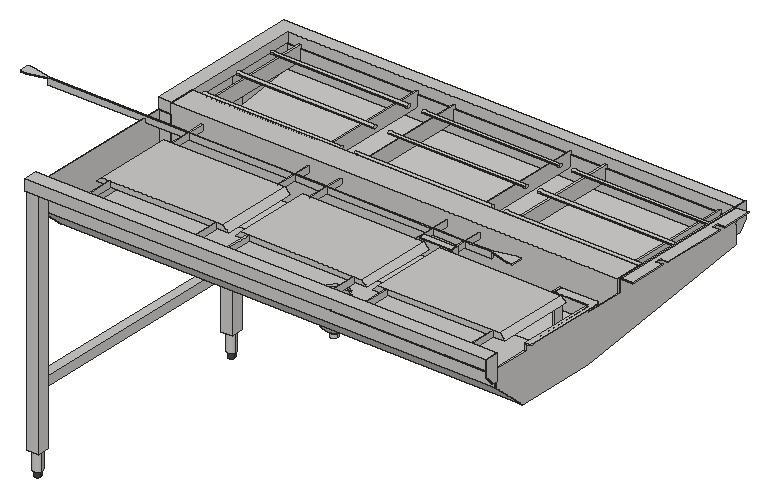
Revit family "QF_ELECTROLUXPROFESSIONAL_865464_HSDDPTS3RL", category Specialty Equipment, Revit 2018 (continued)
Automatic sketch dimensions
  curve 115 to curve 103 = 0.353 mm
  curve 103 to curve 105 = 87.021 mm
  curve 104 to curve 114 = 0.317 mm
  curve 104 to curve 113 = 18.351 mm
  curve 113 to curve 113 = 42.793 mm
  curve 112 to curve 111 = 16.099 mm
  curve 111 to curve 106 = 0.353 mm
  curve 175 to plane 18 = 30.841 mm
  curve 171 to plane 18 = 30.841 mm
  curve 164 to plane 18 = 30.841 mm
  curve 108 to plane 18 = 16.884 mm
  curve 107 to curve 110 = 0.353 mm
  curve 109 to plane 18 = 0.785 mm
  curve 110 to plane 18 = 0.101 mm
  plane 18 to curve 186 = 17.864 mm
  plane 18 to curve 176 = 17.864 mm
  plane 18 to curve 180 = 17.864 mm
  plane 18 to curve 122 = 22.199 mm
  curve 121 to curve 123 = 0.684 mm
  plane 18 to curve 41 = 24.689 mm
  curve 121 to curve 121 = 16.43 mm
  curve 120 to curve 124 = 0.353 mm
  plane 13 "FRONT" to curve 125 = 53.36 mm
  curve 123 to curve 125 = 87.82 mm
  curve 124 to curve 141 = 0.317 mm
  plane 13 "FRONT" to curve 141 = 49.5 mm
  curve 124 to curve 141 = 18.351 mm
  curve 140 to curve 139 = 41.454 mm
  curve 139 to curve 138 = 16.099 mm
  curve 138 to curve 127 = 0.353 mm
  plane 3 "Center (Left/Right)" to curve 127 = 40.08 mm
  curve 127 to curve 138 = 0.317 mm
  curve 127 to curve 136 = 18.351 mm
  plane 13 "FRONT" to curve 135 = 49.5 mm
  curve 136 to curve 135 = 42.793 mm
  curve 135 to curve 134 = 16.099 mm
  curve 134 to curve 130 = 0.353 mm
  plane 3 "Center (Left/Right)" to curve 71 = 180.712 mm
  curve 129 to curve 130 = 87.941 mm
  plane 13 "FRONT" to curve 133 = 55.36 mm
  curve 130 to curve 133 = 0.353 mm
  plane 13 "FRONT" to curve 132 = 47.5 mm
  curve 130 to curve 132 = 16.099 mm
  plane 13 "FRONT" to curve 132 = 49.379 mm
  curve 72 to curve 42 = 44.288 mm
  curve 182 to plane 1 "Center (Front/Back)" = 31.25 mm
  plane 3 "Center (Left/Right)" to curve 182 = 237.877 mm
  curve 187 to curve 182 = 0 mm
  curve 179 to curve 180 = 0 mm
  curve 39 to curve 35 = 19.689 mm
  plane 13 "FRONT" to curve 143 = 49.379 mm
  curve 132 to curve 143 = 51.237 mm
  curve 143 to curve 145 = 0.684 mm
  curve 182 to curve 194 = 42.965 mm
  curve 186 to curve 197 = 42.965 mm
  curve 176 to curve 188 = 42.965 mm
  plane 13 "FRONT" to curve 143 = 55.36 mm
  plane 13 "FRONT" to curve 145 = 53.36 mm
  curve 35 to curve 50 = 51.68 mm
  curve 145 to curve 147 = 62.82 mm
  curve 146 to curve 142 = 0.317 mm
  curve 146 to curve 162 = 18.351 mm
  curve 47 to curve 60 = 86.854 mm
  plane 13 "FRONT" to curve 161 = 49.5 mm
  curve 162 to curve 161 = 41.454 mm
  curve 161 to curve 160 = 16.099 mm
  plane 13 "FRONT" to curve 148 = 53.36 mm
  curve 160 to curve 148 = 0.353 mm
  curve 60 to curve 62 = 64.501 mm
  curve 66 to curve 61 = 0 mm
  curve 61 to curve 63 = 15 mm
  curve 66 to curve 66 = 15 mm
  curve 65 to curve 64 = 5 mm
  curve 148 to curve 149 = 84.521 mm
  plane 13 "FRONT" to curve 159 = 55.36 mm
  curve 149 to curve 159 = 0.317 mm
  curve 149 to curve 158 = 18.351 mm
  curve 158 to curve 158 = 42.793 mm
  curve 157 to curve 156 = 16.099 mm
  curve 156 to curve 152 = 0.353 mm
  curve 33 to plane 15 = 121.97 mm
  plane 13 "FRONT" to curve 153 = 53.36 mm
  curve 151 to curve 153 = 64.191 mm
  plane 13 "FRONT" to curve 155 = 55.36 mm
  curve 152 to curve 155 = 0.353 mm
  curve 152 to curve 153 = 16.099 mm
  curve 38 to plane 15 = 72.5 mm
  curve 199 to plane 15 = 16.646 mm
  curve 195 to plane 15 = 16.646 mm
  curve 191 to plane 15 = 16.646 mm
  curve 32 to plane 15 = 2.5 mm
  plane 15 to curve 26 = 0.819 mm
  plane 15 to curve 7 = 1.472 mm
  plane 15 to curve 13 = 2.5 mm
  plane 15 to curve 28 = 3.516 mm
  curve 26 to curve 27 = 15.013 mm
  plane 15 to curve 21 = 18.75 mm
  plane 15 to curve 18 = 18.75 mm
  curve 108 to curve 110 = 1.879 mm
  curve 99 to curve 99 = 1.879 mm
  curve 105 to curve 113 = 2 mm
  curve 151 to curve 157 = 2 mm
  curve 103 to curve 116 = 2 mm
  curve 136 to curve 128 = 3.86 mm
  curve 127 to curve 137 = 2 mm
  curve 133 to curve 42 = 114.273 mm
  curve 155 to curve 38 = 114.273 mm
  curve 98 to curve 44 = 114.273 mm
  curve 37 to curve 31 = 0 mm
  curve 46 to curve 79 = 71.781 mm
  curve 43 to curve 40 = 0 mm
  plane 16 to curve 38 = 186.272 mm
  curve 35 to curve 32 = 4.522 mm
  curve 72 to curve 48 = 11.121 mm
  curve 30 to curve 26 = 15.473 mm
  curve 26 to curve 27 = 0.005 mm
  curve 48 to curve 71 = 22.785 mm
  curve 32 to curve 33 = 30.478 mm
  curve 62 to curve 60 = 15.75 mm
  curve 60 to curve 68 = 5 mm
  curve 52 to curve 58 = 28.033 mm
  curve 63 to curve 64 = 28.033 mm
  plane 16 to curve 5 = 52.5 mm
  curve 5 to curve 23 = 5 mm
  curve 5 to curve 3 = 5 mm
  curve 185 to plane 16 = 66.25 mm
  curve 175 to curve 185 = 0 mm
  curve 199 to plane 16 = 66.25 mm
  curve 198 to curve 199 = 10 mm
  curve 173 to curve 172 = 10 mm
  curve 186 to curve 187 = 10 mm
  curve 196 to curve 22 = 7.5 mm
  curve 21 to curve 21 = 20 mm
  curve 171 to plane 1 "Center (Front/Back)" = 31.25 mm
  curve 193 to plane 1 "Center (Front/Back)" = 31.25 mm
  curve 193 to curve 193 = 10 mm
  curve 170 to curve 168 = 10 mm
  curve 182 to curve 183 = 10 mm
  curve 192 to curve 17 = 105 mm
  curve 17 to curve 17 = 20 mm
  curve 165 to plane 11 "BACK" = 133.75 mm
  curve 16 to curve 191 = 10 mm
  curve 166 to curve 177 = 0 mm
  curve 165 to curve 164 = 10 mm
  curve 177 to curve 176 = 10 mm
  curve 189 to curve 188 = 10 mm
  curve 25 to curve 1 = 42.5 mm
  curve 200 to plane 17 = 26.13 mm
  curve 173 to curve 206 = 24.413 mm
  curve 204 to curve 206 = 0 mm
  curve 202 to curve 200 = 0 mm
  curve 204 to curve 205 = 5 mm
  curve 206 to curve 207 = 5 mm
  curve 202 to curve 203 = 5 mm
  curve 200 to curve 201 = 5 mm
  plane 17 to curve 85 = 41.797 mm
  curve 100 to curve 86 = 25.004 mm
  curve 84 to curve 85 = 0 mm
  curve 86 to curve 87 = 3.633 mm
  curve 84 to curve 82 = 3.633 mm
  curve 85 to curve 83 = 3.633 mm
  curve 102 to curve 117 = 0.317 mm
  curve 116 to curve 103 = 0.353 mm
  curve 105 to curve 113 = 0.317 mm
  curve 112 to curve 106 = 0.353 mm
  curve 208 to curve 164 = 44.35 mm
  curve 210 to curve 208 = 0 mm
  curve 214 to curve 174 = 44.35 mm
  curve 212 to curve 214 = 0 mm
  curve 214 to curve 215 = 5 mm
  curve 212 to curve 213 = 5 mm
  curve 210 to curve 211 = 5 mm
  curve 208 to curve 209 = 5 mm
  curve 88 to curve 107 = 28.734 mm
  curve 80 to plane 18 = 45.618 mm
  curve 81 to curve 43 = 45.618 mm
  curve 80 to curve 78 = 3.633 mm
  curve 88 to curve 89 = 3.633 mm
  curve 81 to curve 79 = 3.633 mm
  curve 181 to curve 220 = 32.327 mm
  plane 18 to curve 216 = 50.191 mm
  curve 218 to curve 220 = 0 mm
  curve 222 to curve 220 = 0 mm
  curve 216 to curve 217 = 5 mm
  curve 222 to curve 223 = 5 mm
  curve 220 to curve 221 = 5 mm
  curve 218 to curve 219 = 5 mm
  curve 39 to curve 77 = 39.693 mm
  curve 123 to curve 90 = 25.4 mm
  curve 77 to curve 76 = 0.178 mm
  curve 90 to curve 91 = 3.633 mm
  curve 77 to curve 75 = 3.633 mm
  curve 76 to curve 74 = 3.455 mm
  curve 125 to curve 140 = 0.317 mm
  curve 139 to curve 126 = 0.353 mm
  curve 128 to curve 136 = 0.317 mm
  curve 135 to curve 129 = 0.353 mm
  curve 92 to curve 41 = 47.921 mm
  curve 70 to curve 71 = 3.633 mm
  curve 73 to curve 71 = 3.633 mm
  curve 92 to curve 93 = 3.633 mm
  curve 70 to curve 69 = 3.633 mm
  curve 230 to curve 186 = 37.686 mm
  curve 228 to curve 230 = 0 mm
  curve 226 to curve 228 = 0 mm
  curve 224 to curve 226 = 0 mm
  curve 228 to curve 229 = 5 mm
  curve 230 to curve 231 = 5 mm
  curve 224 to curve 225 = 5 mm
  curve 226 to curve 227 = 5 mm
  curve 36 to curve 94 = 43.054 mm
  curve 142 to curve 95 = 1.31 mm
  curve 188 to curve 232 = 39.35 mm
  curve 192 to curve 234 = 39.35 mm
  curve 236 to curve 234 = 0 mm
  curve 238 to curve 236 = 0 mm
  curve 236 to curve 237 = 5 mm
  curve 232 to curve 233 = 5 mm
  curve 238 to curve 239 = 5 mm
  curve 234 to curve 235 = 5 mm
  curve 147 to curve 162 = 0.317 mm
  curve 161 to curve 148 = 0.353 mm
  curve 150 to curve 158 = 0.317 mm
  curve 157 to curve 151 = 0.353 mm
  curve 97 to curve 155 = 5.632 mm
  curve 97 to curve 96 = 3.633 mm
  curve 240 to plane 15 = 54.331 mm
  curve 246 to curve 198 = 37.686 mm
  curve 242 to curve 240 = 0 mm
  curve 244 to curve 246 = 0 mm
  curve 244 to curve 245 = 5 mm
  curve 240 to curve 241 = 5 mm
  curve 246 to curve 247 = 5 mm
  curve 242 to curve 243 = 5 mm
  curve 5 to plane 15 = 2.5 mm
  curve 4 to plane 15 = 2.5 mm
  curve 94 to curve 142 = 0 mm
  curve 230 to curve 230 = 28.75 mm
  curve 248 to plane 3 "Center (Left/Right)" = 45.773 mm
  curve 250 to plane 3 "Center (Left/Right)" = 0.026 mm
  curve 250 to curve 73 = 123 mm
  curve 248 to curve 249 = 0.015 mm
  curve 249 to curve 250 = 0.015 mm
  curve 249 to curve 248 = 2.578 mm
  curve 251 to curve 250 = 1.036 mm
  curve 252 to curve 253 = 0 mm  (x2)
  curve 252 to plane 3 "Center (Left/Right)" = 0.025 mm
  curve 251 to curve 252 = 0.308 mm
  curve 253 to curve 252 = 10 mm
  radius of Extrusion 7 sketch curve = 5 mm  (x3)
  radius of Extrusion 10 sketch curve = 10 mm
  radius of Extrusion 11 sketch curve = 15 mm
  radius of Extrusion 14 sketch curve = 10 mm
  radius of Extrusion 15 sketch curve = 15 mm
  radius of Extrusion 16 sketch curve = 5 mm  (x3)
  radius of Extrusion 17 sketch curve = 5 mm  (x3)
Connectors
  piping at (-0.025, -490, 578.445), diameter 20
    settings: on Revolve 4, index 1, connector inside diameter 609.6 mm, connector length 0 mm, flow factor 0, pipe flow 0.0 L/s, pressure drop 0.0 Pa, fitting loss kfactor 0, connector angle 0.00°, fixture units 0, engagement length 0 mm, angle of deflection 0.00°, flow configuration 1, flow direction 2, fitting loss method 0, system type 7, joint type 0, gender type 0, connector reference index -1, connector utility 0, adjustable connector no, is connector primary yes, connector description "DRAIN"
